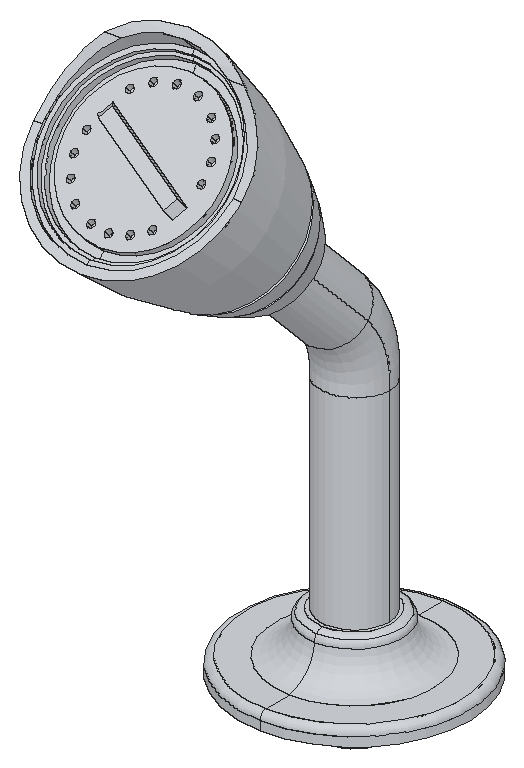
Revit family "01-1130-11 REGADERA MÓVIL PLÁSTICA", category Plumbing Fixtures, host Face, Revit 2018
Family settings
  Host = Face
  Round Connector Dimension = Use Diameter
  Part Type = Normal
  OmniClass Number = 23.31.11.00
  Cut with Voids When Loaded = No
  Shared = No
  Room Calculation Point = No
Parameters (values of type "01-1130-11")
  Waste Water Outlet = ""
  Waste Connection = 1 = 0  # no
  Vent Connection = 1 = 0  # no
  URL = "https://www.gricol.com/"
  Type Image = <None>
  Profundidad = 150 mm
  Product Name = "REGADERA MÓVIL PLÁSTICA\r"  # constant formula
  Model = "01-1130-11"  # constant formula
  Manufacturer = "Gricol"  # constant formula
  Link Ficha Tecnica = "http://infotecnica.gricol.com/FT_01113011.pdf"
  HW Connection = 1 = 1  # yes
  Finish = Plastico ABS Cromado
  Ancho = 60 mm
  Description = "Regadera"  # constant formula
  Default Elevation = 0 mm
  Date Modified = ""
  Date Created = "05/28/2020"  # constant formula
  Copyright = "All rights reserved © Gricol - 2020."  # constant formula
  CW Connection = 1 = 1  # yes
  Assembly Code = ""
  Alto = 117.5 mm
Reference planes
  plane 1 "Center (Front/Back)": y = 0
  plane 2: z = 0
  plane 3 "Center (Left/Right)": x = 0
  plane 4: y = -48.269
  plane 5: x = -30
  plane 6: x = 30
  plane 7: z = 150
  plane 8: y = 69.231
Dimensions and locks
  equal spacing: plane 5, plane 3 "Center (Left/Right)", plane 6
  "Ancho": plane 5 to plane 6
  "Profundidad": plane 7 to level
  "Alto": plane 4 to plane 8
  aligned and locked: plane 2 to host face
  aligned and locked: level to host face
Automatic sketch dimensions
  host sketch curve to host sketch curve = 2438.4 mm  (x2)
Nested families
  nested 1: "REGADERA MÓVIL PLÁSTICA" at (0, 38.974, 0), type "REGADERA MÓVIL PLÁSTICA"
Definition of nested family "REGADERA MÓVIL PLÁSTICA"
  Parameters (values of type "REGADERA MÓVIL PLÁSTICA")
    Material = none
  Reference planes
    plane 1 "Center (Front/Back)": y = 0
    plane 2: z = 0
    plane 3 "Center (Left/Right)": x = 0
    plane 4: y = 29.931
    plane 5: x = 29.875
    plane 6: x = -29.875
    plane 7: z = 201.612
    plane 8: y = -62.842
    plane 9: x = -67.35
    plane 10: x = 72.35
    plane 11: z = 150
    plane 12: z = 20.362
    plane 13: x = -107.35
    plane 14: x = 107.757
    plane 15: y = -29.931
  Forms (mm)
    Revolve 1, solid, material <- "Material"
      sketch origin (0, 3.67, -0.065) x (0, 1, 0) y (0, 0, 1)
        loop
          line (-33.601, 0) -> (-12.402, 0) -> (-12.402, -12.241) -> (-3.431, -12.241) -> (-3.431, 0) -> (-3.431, 15.126) -> (-13.431, 15.126)
          arc (-13.431, 15.126) -> (-14.496, 14.982) -> (-15.405, 14.407) r 2.519
          arc (-15.405, 14.407) -> (-15.941, 13.617) -> (-16.038, 12.666) r 1.955
          arc (-16.038, 12.666) -> (-18.631, 6.959) -> (-24.289, 4.259) r 9.152
          line (-24.289, 4.259) -> (-31.727, 4.259)
          arc (-31.727, 4.259) -> (-33.053, 3.71) -> (-33.601, 2.384) r 1.874
          line (-33.601, 2.384) -> (-33.601, 0)
        axis (-3.431, -12.241) -> (-3.431, 15.126)
      angle from 0 to 360
    Sweep 2, solid, material <- "Material"
      path origin (0, 3.67, -0.302) x (0, 1, 0) y (0, 0, 1)
        loop
          line (-33.601, 110.783) -> (-10.39, 87.572)
          arc (-10.39, 87.572) -> (-4.79, 78.782) -> (-3.431, 68.448) r 24.075
          line (-3.431, 68.448) -> (-3.431, 15.362)
      profile origin (0, 0.24, 41.603) x (1, 0, 0) y (0, 1, 0)
        loop
          circle (0, 0) r 9
    Revolve 3, solid, material <- "Material", not visible, detail levels medium+fine
      sketch origin (0, 0, 0) x (0, 1, 0) y (0, 0, 1)
        loop
          arc (-90.688, 223.824) -> (-99.15, 216.983) -> (-107.326, 209.802) r 267.036
          arc (-107.326, 209.802) -> (-107.577, 209.271) -> (-107.384, 208.716) r 0.776
          arc (-107.384, 208.716) -> (-107.9, 208.971) -> (-108.441, 208.776) r 0.735
          arc (-108.441, 208.776) -> (-112.199, 205.23) -> (-115.888, 201.612) r 267.036
          line (-115.888, 201.612) -> (-32.464, 118.189) -> (-24.343, 126.311)
          arc (-24.343, 126.311) -> (-24.097, 126.905) -> (-24.343, 127.499) r 0.84
          line (-24.343, 127.499) -> (-37.252, 140.408)
          arc (-37.252, 140.408) -> (-40.21, 142.003) -> (-43.557, 141.708) r 5.855
          arc (-43.557, 141.708) -> (-45.369, 141.963) -> (-46.073, 143.652) r 1.847
          arc (-46.073, 143.652) -> (-45.999, 144.947) -> (-46.097, 146.24) r 9.762
          line (-46.097, 146.24) -> (-41.736, 150.6)
          arc (-41.736, 150.6) -> (-41.442, 151.236) -> (-41.629, 151.91) r 1.016
          arc (-41.629, 151.91) -> (-50.581, 167.091) -> (-56.708, 183.617) r 99.247
          arc (-56.708, 183.617) -> (-60.141, 202.073) -> (-60.509, 220.842) r 114.362
          arc (-60.509, 220.842) -> (-59.687, 228.74) -> (-58.22, 236.544) r 96.679
          line (-58.22, 236.544) -> (-57.145, 241.199)
          arc (-57.145, 241.199) -> (-57.521, 241.956) -> (-58.335, 241.735) r 0.665
          arc (-58.335, 241.735) -> (-58.207, 242.373) -> (-58.464, 242.971) r 1.096
          arc (-58.464, 242.971) -> (-58.99, 243.3) -> (-59.61, 243.264) r 1.026
          arc (-59.61, 243.264) -> (-65.36, 240.893) -> (-70.973, 238.214) r 115.076
          arc (-70.973, 238.214) -> (-71.395, 237.656) -> (-71.22, 236.98) r 0.802
          arc (-71.22, 236.98) -> (-71.674, 237.277) -> (-72.207, 237.169) r 0.714
          arc (-72.207, 237.169) -> (-81.561, 230.654) -> (-90.688, 223.824) r 333.945
        axis (-115.888, 201.612) -> (-32.464, 118.189)
      angle from 0 to 360
    Extrusion 4, void, not visible
      sketch origin (0, 42.862, 42.862) x (0, -0.707107, 0.707107) y (-1, 0, 0)
        loop
          line (131.044, -11.557) -> (111.264, -11.557)
          arc (111.264, -11.557) -> (110.878, -11.634) -> (110.551, -11.853) r 1.009
          line (110.551, -11.853) -> (108.651, -13.752) -> (131.044, -13.752) -> (131.044, -11.557)
      from -8.823 to 10.127
    Extrusion 5, solid, not visible, detail levels medium+fine
      sketch origin (0, -158.75, 158.75) x (0, 0.707107, 0.707107) y (-1, 0, 0)
        loop
          circle (60.617, -16.389) r 1.588
        loop
          circle (60.617, -26.741) r 1.588
        loop
          circle (60.617, -37.124) r 1.588
        loop
          circle (60.617, -47.508) r 1.588
        loop
          circle (74.824, -34.299) r 1.588
        loop
          circle (78.797, -43.891) r 1.588
        loop
          circle (72.205, -11.589) r 1.588
        loop
          circle (79.526, -18.909) r 1.588
        loop
          circle (86.868, -26.251) r 1.588
        loop
          circle (94.21, -33.593) r 1.588
        loop
          circle (94.915, -14.207) r 1.588
        loop
          circle (104.508, -18.18) r 1.588
        loop
          circle (77.006, 0) r 1.588
        loop
          circle (87.358, 0) r 1.588
        loop
          circle (97.741, 0) r 1.588
        loop
          circle (108.125, 0) r 1.588
        loop
          circle (60.617, 16.389) r 1.588
        loop
          circle (60.617, 26.741) r 1.588
        loop
          circle (60.617, 37.124) r 1.588
        loop
          circle (60.617, 47.508) r 1.588
        loop
          circle (74.824, 34.299) r 1.588
        loop
          circle (78.797, 43.891) r 1.588
        loop
          circle (72.205, 11.589) r 1.588
        loop
          circle (79.526, 18.909) r 1.588
        loop
          circle (86.868, 26.251) r 1.588
        loop
          circle (94.21, 33.593) r 1.588
        loop
          circle (94.915, 14.207) r 1.588
        loop
          circle (104.508, 18.18) r 1.588
        loop
          circle (46.41, -34.299) r 1.588
        loop
          circle (42.436, -43.891) r 1.588
        loop
          circle (49.028, -11.589) r 1.588
        loop
          circle (41.708, -18.909) r 1.588
        loop
          circle (34.366, -26.251) r 1.588
        loop
          circle (27.024, -33.593) r 1.588
        loop
          circle (26.318, -14.207) r 1.588
        loop
          circle (16.725, -18.18) r 1.588
        loop
          circle (44.228, 0) r 1.588
        loop
          circle (33.876, 0) r 1.588
        loop
          circle (23.492, 0) r 1.588
        loop
          circle (13.109, 0) r 1.588
        loop
          circle (46.41, 34.299) r 1.588
        loop
          circle (42.436, 43.891) r 1.588
        loop
          circle (49.028, 11.589) r 1.588
        loop
          circle (41.708, 18.909) r 1.588
        loop
          circle (34.366, 26.251) r 1.588
        loop
          circle (27.024, 33.593) r 1.588
        loop
          circle (26.318, 14.207) r 1.588
        loop
          circle (16.725, 18.18) r 1.588
      from -6.576 to 5.506
    Revolve 6, void, not visible
      sketch origin (0, 0, 0) x (0, 1, 0) y (0, 0, 1)
        loop
          arc (-91.228, 224.647) -> (-82.058, 231.509) -> (-72.659, 238.054) r 335.532
          line (-72.659, 238.054) -> (-80.683, 246.078) -> (-120.518, 206.243) -> (-116.578, 202.303)
          arc (-116.578, 202.303) -> (-104.255, 213.874) -> (-91.228, 224.647) r 268.624
        axis (-112.494, 198.219) -> (-120.518, 206.243)
      angle from 0 to 360
    Revolve 7, solid, material <- "Material"
      sketch origin (0.203, 464.675, 1091.209) x (0, 0.897728, -0.440551) y (0, 0.440551, 0.897728)
        loop
          line (-11.959, -1098.327) -> (-7.363, -1084.866)
          arc (-7.363, -1084.866) -> (-10.746, -1082.054) -> (-14.194, -1079.323) r 187.972
          line (-14.194, -1079.323) -> (-14.45, -1080.072) -> (-15.331, -1079.772) -> (-14.973, -1078.724)
          arc (-14.973, -1078.724) -> (-18.016, -1076.444) -> (-21.105, -1074.226) r 187.972
          line (-21.105, -1074.226) -> (-21.369, -1074.998) -> (-23.056, -1074.422) -> (-22.627, -1073.168)
          arc (-22.627, -1073.168) -> (-40.931, -1062.053) -> (-60.381, -1053.092) r 187.972
          arc (-60.381, -1053.092) -> (-60.936, -1053.132) -> (-61.318, -1053.537) r 0.767
          line (-61.318, -1053.537) -> (-61.928, -1055.322) -> (-55.573, -1057.493) -> (-55.996, -1058.732) -> (-54.819, -1059.134) -> (-55.144, -1060.084) -> (-53.415, -1060.675) -> (-60.601, -1081.71) -> (-11.959, -1098.327)
        axis (-11.959, -1098.327) -> (-69.862, -1078.547)
      angle from 0 to 360
    Extrusion 8, void
      sketch origin (0, 3.993, -4.424) x (0, -1, 0) y (0, 0, 1)
        loop
          arc (61.58, 171.302) -> (66.423, 161.351) -> (73.507, 152.85) r 45.891
          arc (73.507, 152.85) -> (83.739, 142.914) -> (93.658, 132.667) r 460.127
          line (93.658, 132.667) -> (99.064, 138.048) -> (57.446, 179.856) -> (55.516, 177.935)
          arc (55.516, 177.935) -> (59.08, 175.105) -> (61.58, 171.302) r 14.375
      from -43.403 to 250
    Extrusion 9, solid
      sketch origin (0.203, -66.276, 146.826) x (1, 0, 0) y (0, 0.707107, 0.707107)
        loop
          circle (0, 0) r 20
      from 0 to 1.827
    Extrusion 10, void
      sketch origin (0.203, -67.568, 148.118) x (-1, 0, 0) y (0, 0.707107, 0.707107)
        loop
          circle (10.481, 12.221) r 1
        loop
          circle (6.172, 15.315) r 1
        loop
          circle (0.844, 16.565) r 1
        loop
          circle (-4.953, 15.94) r 1
        loop
          circle (-10.118, 12.816) r 1
        loop
          circle (-13.235, 9.106) r 1
        loop
          circle (-14.831, 4.408) r 1
        loop
          circle (-15.144, -0.545) r 1
        loop
          circle (15.396, 1.252) r 1
        loop
          circle (15.553, -4.051) r 1
        loop
          circle (13.61, -9.167) r 1
        loop
          circle (9.851, -13.624) r 1
        loop
          circle (4.373, -16.16) r 1
        loop
          circle (-0.446, -16.67) r 1
        loop
          circle (-5.233, -15.367) r 1
        loop
          circle (-9.514, -12.856) r 1
      from 0 to 10
    Extrusion 11, solid
      sketch origin (-16.622, -63.132, 152.554) x (0.88292, -0.332003, -0.332003) y (0, -0.707107, 0.707107)
        loop
          line (2.373, 0) -> (33.429, 0) -> (31.906, 2.532)
          arc (31.906, 2.532) -> (18.405, 1.922) -> (4.904, 2.532) r 149.643
          line (4.904, 2.532) -> (2.373, 0)
      from -3.816 to 0
  Cuts and joins
    Extrusion 8 cuts Revolve 7
    Extrusion 10 cuts Sweep 2
    Extrusion 10 cuts Extrusion 9
  Dimensions and locks
    locked: plane 9 to plane 10 at 139.7
    plane 6 to plane 5 = 59.75 mm
    plane 11 to level = 150 mm  (x2)
    plane 12 to level = 20.362 mm
    plane 13 to plane 14 = 215.107 mm  (x2)
    Revolve 1 sketch curve to Revolve 1 sketch curve = 30.171 mm  (x2)
    equal spacing: plane 4, plane 1 "Center (Front/Back)", plane 15
    plane 4 to plane 15 = 59.863 mm
    aligned and locked: plane 2 to level
  Automatic sketch dimensions
    Sweep 2 sketch curve to plane 3 "Center (Left/Right)" = 0 mm
    Sweep 2 sketch curve to profile plane = 0 mm
    Revolve 3 sketch curve to Revolve 3 sketch curve = 0 mm  (x16)
    Revolve 3 sketch curve to Revolve 3 sketch curve = 1.139 mm
    Revolve 3 sketch curve to Revolve 3 sketch curve = 1.201 mm
    Revolve 3 sketch curve to Revolve 3 sketch curve = 11.31 mm
    Revolve 3 sketch curve to Revolve 3 sketch curve = 0.053 mm
    Revolve 3 sketch curve to Revolve 3 sketch curve = 1.078 mm
    Revolve 3 sketch curve to Revolve 3 sketch curve = 1.451 mm
    Revolve 3 sketch curve to Revolve 3 sketch curve = 0.648 mm
    Revolve 3 sketch curve to Revolve 3 sketch curve = 9.663 mm
    Revolve 3 sketch curve to Revolve 3 sketch curve = 1.857 mm
    Revolve 3 sketch curve to Revolve 3 sketch curve = 3.642 mm
    Revolve 3 sketch curve to Revolve 3 sketch curve = 0.718 mm  (x2)
    Revolve 3 sketch curve to Revolve 3 sketch curve = 2.847 mm
    Revolve 3 sketch curve to Revolve 3 sketch curve = 0.594 mm  (x3)
    Revolve 3 sketch curve to Revolve 3 sketch curve = 5.724 mm
    Revolve 3 sketch curve to Revolve 3 sketch curve = 3.065 mm
    Revolve 3 sketch curve to Revolve 3 sketch curve = 14.583 mm
    Revolve 3 sketch curve to Revolve 3 sketch curve = 40.998 mm
    Revolve 3 sketch curve to Revolve 3 sketch curve = 8.237 mm
    Revolve 3 sketch curve to Revolve 3 sketch curve = 9.364 mm
    Revolve 3 sketch curve to Revolve 3 sketch curve = 4.14 mm  (x2)
    Revolve 3 sketch curve to Revolve 3 sketch curve = 3.016 mm
    Revolve 3 sketch curve to Revolve 3 sketch curve = 1.43 mm
    Revolve 3 sketch curve to Revolve 3 sketch curve = 2.815 mm
    Revolve 3 sketch curve to Revolve 3 sketch curve = 4.361 mm
    Revolve 3 sketch curve to Revolve 3 sketch curve = 0.992 mm
    Revolve 3 sketch curve to Revolve 3 sketch curve = 3.975 mm
    Revolve 3 sketch curve to Revolve 3 sketch curve = 5.081 mm
    Revolve 3 sketch curve to Revolve 3 sketch curve = 0.032 mm
    Revolve 3 sketch curve to Revolve 3 sketch curve = 0.923 mm
    Revolve 3 sketch curve to Revolve 3 sketch curve = 4.655 mm
    Revolve 3 sketch curve to Revolve 3 sketch curve = 0.15 mm
    Revolve 3 sketch curve to Revolve 3 sketch curve = 0.911 mm
    Revolve 3 sketch curve to Revolve 3 sketch curve = 0.046 mm
    Revolve 3 sketch curve to Revolve 3 sketch curve = 0.557 mm
    Revolve 3 sketch curve to Revolve 3 sketch curve = 0.589 mm
    Extrusion 4 sketch curve to Extrusion 4 sketch curve = 1.899 mm
    Extrusion 4 sketch curve to Extrusion 4 sketch curve = 0.714 mm
    Extrusion 4 sketch curve to Extrusion 4 sketch curve = 19.78 mm
    Extrusion 4 sketch curve to Extrusion 4 sketch curve = 2.195 mm
    Extrusion 5 sketch curve to Extrusion 5 sketch curve = 4.8 mm  (x3)
    Extrusion 5 sketch curve to Extrusion 5 sketch curve = 3.974 mm  (x8)
    Extrusion 5 sketch curve to Extrusion 5 sketch curve = 7.32 mm  (x8)
    Extrusion 5 sketch curve to Extrusion 5 sketch curve = 7.342 mm  (x16)
    Extrusion 5 sketch curve to Extrusion 5 sketch curve = 10.352 mm  (x4)
    Extrusion 5 sketch curve to Extrusion 5 sketch curve = 8.048 mm  (x6)
    Extrusion 5 sketch curve to Extrusion 5 sketch curve = 10.383 mm  (x8)
    Extrusion 5 sketch curve to Extrusion 5 sketch curve = 9.593 mm  (x8)
    Revolve 6 sketch curve to Revolve 6 sketch curve = 40.998 mm
    Revolve 3 sketch curve to Revolve 3 sketch curve = 7.946 mm
    Revolve 3 sketch curve to Revolve 3 sketch curve = 34.994 mm
    Revolve 3 sketch curve to Revolve 3 sketch curve = 52.182 mm
    Revolve 3 sketch curve to Revolve 3 sketch curve = 8.928 mm
    Revolve 3 sketch curve to Revolve 3 sketch curve = 7.527 mm
    Revolve 3 sketch curve to Revolve 3 sketch curve = 54.6 mm
    Revolve 3 sketch curve to Revolve 3 sketch curve = 105.4 mm  (x2)
    Revolve 3 sketch curve to Revolve 3 sketch curve = 52.877 mm
    Revolve 3 sketch curve to Revolve 3 sketch curve = 8.121 mm
    Revolve 3 sketch curve to Revolve 3 sketch curve = 6.625 mm
    Revolve 3 sketch curve to Revolve 3 sketch curve = 73.979 mm
    Revolve 3 sketch curve to Revolve 3 sketch curve = 12.72 mm
    Revolve 3 sketch curve to Revolve 3 sketch curve = 3.983 mm  (x2)
    Extrusion 4 sketch curve to Extrusion 4 sketch curve = 0.296 mm
    Extrusion 5 sketch curve to Extrusion 5 sketch curve = 3.616 mm  (x3)
    Extrusion 5 sketch curve to Extrusion 5 sketch curve = 15.413 mm  (x4)
    Extrusion 5 sketch curve to Extrusion 5 sketch curve = 14.207 mm  (x7)
    Extrusion 5 sketch curve to Extrusion 5 sketch curve = 18.18 mm
    Extrusion 5 sketch curve to Extrusion 5 sketch curve = 0 mm  (x10)
    Extrusion 5 sketch curve to Extrusion 5 sketch curve = 11.589 mm  (x6)
    Extrusion 5 sketch curve to Extrusion 5 sketch curve = 10.298 mm  (x2)
    Revolve 6 sketch curve to Revolve 6 sketch curve = 3.94 mm  (x2)
    Revolve 6 sketch curve to Revolve 6 sketch curve = 39.835 mm
    Revolve 6 sketch curve to Revolve 6 sketch curve = 8.023 mm
    Revolve 6 sketch curve to Revolve 6 sketch curve = 189.946 mm  (x2)
    Revolve 6 sketch curve to Revolve 6 sketch curve = 52.877 mm
    Revolve 6 sketch curve to Revolve 6 sketch curve = 0.432 mm  (x2)
    Revolve 6 sketch curve to Revolve 6 sketch curve = 4.49 mm  (x2)
    level to Revolve 1 sketch curve = 2.319 mm
    Revolve 1 sketch curve to plane 15 = 0 mm
    Revolve 1 sketch curve to Revolve 1 sketch curve = 1.874 mm
    Revolve 1 sketch curve to plane 15 = 8.438 mm
    Revolve 1 sketch curve to Revolve 1 sketch curve = 7.439 mm
    plane 1 "Center (Front/Back)" to Revolve 1 sketch curve = 10.434 mm
    Revolve 1 sketch curve to Revolve 1 sketch curve = 0.47 mm
    Revolve 1 sketch curve to Revolve 1 sketch curve = 0.673 mm
    Revolve 1 sketch curve to level = 0.065 mm  (x2)
    plane 1 "Center (Front/Back)" to Revolve 1 sketch curve = 8.732 mm
    Revolve 1 sketch curve to Revolve 1 sketch curve = 12.241 mm
    Revolve 1 sketch curve to plane 12 = 7.813 mm
    Revolve 1 sketch curve to Revolve 1 sketch curve = 0.333 mm
    Revolve 1 sketch curve to plane 12 = 7.059 mm
    Revolve 1 sketch curve to Revolve 1 sketch curve = 2.511 mm
    Revolve 1 sketch curve to Revolve 1 sketch curve = 1.934 mm
    Revolve 1 sketch curve to plane 1 "Center (Front/Back)" = 0.24 mm
    plane 12 to Revolve 1 sketch curve = 16.148 mm
    Revolve 1 sketch curve to plane 11 = 54.064 mm
    Sweep 2 sketch curve to plane 15 = 0 mm
    Sweep 2 sketch curve to plane 15 = 6.188 mm
    plane 12 to Sweep 2 sketch curve = 49.884 mm
    plane 1 "Center (Front/Back)" to Sweep 2 sketch curve = 6.72 mm
    Sweep 2 sketch curve to plane 1 "Center (Front/Back)" = 0.24 mm
    Sweep 2 sketch curve to Sweep 2 sketch curve = 2.1 mm
    Sweep 2 sketch curve to plane 12 = 5.302 mm
    Sweep 2 sketch curve to Sweep 2 sketch curve = 23.211 mm
    Revolve 7 sketch curve to Revolve 7 sketch curve = 0 mm  (x4)
    Revolve 7 sketch curve to plane 12 = 25.332 mm
    Revolve 7 sketch curve to plane 8 = 129.46 mm
    Revolve 7 sketch curve to Revolve 7 sketch curve = 68.584 mm
    Revolve 7 sketch curve to Revolve 7 sketch curve = 0.717 mm
    Revolve 7 sketch curve to Revolve 7 sketch curve = 0.711 mm
    Revolve 7 sketch curve to Revolve 7 sketch curve = 0.423 mm
    Revolve 7 sketch curve to Revolve 7 sketch curve = 0.325 mm
    Revolve 7 sketch curve to Revolve 7 sketch curve = 37.545 mm
    Revolve 7 sketch curve to Revolve 7 sketch curve = 0.428 mm
    Revolve 7 sketch curve to Revolve 7 sketch curve = 1.687 mm
    Revolve 7 sketch curve to Revolve 7 sketch curve = 0.264 mm
    Revolve 7 sketch curve to Revolve 7 sketch curve = 6.038 mm
    Revolve 7 sketch curve to Revolve 7 sketch curve = 0.358 mm
    Revolve 7 sketch curve to Revolve 7 sketch curve = 0.881 mm
    Revolve 7 sketch curve to Revolve 7 sketch curve = 0.256 mm
    Revolve 7 sketch curve to Revolve 7 sketch curve = 2.491 mm
    Revolve 7 sketch curve to Revolve 7 sketch curve = 7.087 mm
    Revolve 7 sketch curve to Revolve 7 sketch curve = 13.461 mm
    Revolve 7 sketch curve to Revolve 7 sketch curve = 0.749 mm
    Revolve 7 sketch curve to Revolve 7 sketch curve = 7.484 mm
    Revolve 7 sketch curve to Revolve 7 sketch curve = 0.771 mm
    Revolve 7 sketch curve to Revolve 7 sketch curve = 3.668 mm
    Revolve 7 sketch curve to Revolve 7 sketch curve = 0.289 mm
    Revolve 7 sketch curve to Revolve 7 sketch curve = 5.062 mm
    Revolve 7 sketch curve to Revolve 7 sketch curve = 0.431 mm
    Revolve 7 sketch curve to Revolve 7 sketch curve = 0.147 mm
    Revolve 7 sketch curve to Revolve 7 sketch curve = 1.729 mm  (x2)
    Revolve 7 sketch curve to Revolve 7 sketch curve = 0.61 mm
    plane 15 to Extrusion 8 sketch curve = 14.545 mm
    plane 8 to Extrusion 8 sketch curve = 26.823 mm
    Extrusion 8 sketch curve to plane 11 = 16.376 mm
    Extrusion 8 sketch curve to Extrusion 8 sketch curve = 5.406 mm
    Extrusion 8 sketch curve to plane 7 = 19.772 mm
    Extrusion 8 sketch curve to Extrusion 8 sketch curve = 5.381 mm
    Extrusion 8 sketch curve to level = 186.606 mm
    plane 11 to Extrusion 8 sketch curve = 10.982 mm
    Extrusion 8 sketch curve to Extrusion 8 sketch curve = 1.929 mm
    Extrusion 8 sketch curve to plane 8 = 5.255 mm
    plane 8 to Extrusion 8 sketch curve = 38.128 mm
    Extrusion 8 sketch curve to Extrusion 8 sketch curve = 0 mm
    plane 4 to Extrusion 8 sketch curve = 215.944 mm
    Revolve 7 sketch curve to Revolve 7 sketch curve = 4.611 mm
    Revolve 7 sketch curve to Revolve 7 sketch curve = 0.852 mm
    Extrusion 10 sketch curve to Extrusion 10 sketch curve = 0.312 mm
    Extrusion 10 sketch curve to Extrusion 10 sketch curve = 1.596 mm
    Extrusion 10 sketch curve to Extrusion 10 sketch curve = 3.117 mm
    Extrusion 10 sketch curve to Extrusion 10 sketch curve = 5.629 mm
    Extrusion 10 sketch curve to Extrusion 10 sketch curve = 5.165 mm
    Extrusion 10 sketch curve to Extrusion 10 sketch curve = 4.281 mm
    Extrusion 10 sketch curve to Extrusion 10 sketch curve = 4.788 mm
    Extrusion 10 sketch curve to Extrusion 10 sketch curve = 5.797 mm
    Extrusion 10 sketch curve to Extrusion 10 sketch curve = 4.818 mm
    Extrusion 10 sketch curve to Extrusion 10 sketch curve = 5.328 mm
    Extrusion 10 sketch curve to Extrusion 10 sketch curve = 4.309 mm
    Extrusion 10 sketch curve to Extrusion 10 sketch curve = 5.478 mm
    Extrusion 10 sketch curve to Extrusion 10 sketch curve = 3.759 mm
    Extrusion 10 sketch curve to Extrusion 10 sketch curve = 1.786 mm
    Extrusion 10 sketch curve to Extrusion 10 sketch curve = 0.156 mm
    Extrusion 10 sketch curve to Extrusion 10 sketch curve = 0.51 mm
    Extrusion 10 sketch curve to Extrusion 10 sketch curve = 1.303 mm
    Extrusion 10 sketch curve to Extrusion 10 sketch curve = 2.536 mm
    Extrusion 10 sketch curve to Extrusion 10 sketch curve = 2.51 mm
    Extrusion 10 sketch curve to Extrusion 10 sketch curve = 4.457 mm
    Extrusion 10 sketch curve to Extrusion 10 sketch curve = 5.116 mm
    Extrusion 10 sketch curve to Extrusion 10 sketch curve = 12.312 mm
    Extrusion 10 sketch curve to Extrusion 10 sketch curve = 5.303 mm
    Extrusion 10 sketch curve to Extrusion 10 sketch curve = 4.953 mm
    Extrusion 10 sketch curve to Extrusion 10 sketch curve = 4.698 mm
    Extrusion 10 sketch curve to Extrusion 10 sketch curve = 10.968 mm
    Extrusion 10 sketch curve to Extrusion 10 sketch curve = 3.71 mm
    Extrusion 10 sketch curve to Extrusion 10 sketch curve = 3.095 mm
    Extrusion 10 sketch curve to Extrusion 10 sketch curve = 3.124 mm
    Extrusion 10 sketch curve to Extrusion 10 sketch curve = 1.25 mm
    Extrusion 11 sketch curve to Extrusion 11 sketch curve = 13.501 mm
    Extrusion 11 sketch curve to Extrusion 11 sketch curve = 2.532 mm  (x2)
    Extrusion 11 sketch curve to Extrusion 11 sketch curve = 27.002 mm
    Extrusion 11 sketch curve to Extrusion 11 sketch curve = 1.523 mm
    Extrusion 11 sketch curve to Extrusion 11 sketch curve = 149.033 mm
    radius of Sweep 2 sketch curve = 9 mm
    radius of Extrusion 5 sketch curve = 1.588 mm  (x48)
    radius of Extrusion 9 sketch curve to Revolve 7 = 2.229 mm
    radius of Extrusion 10 sketch curve = 1 mm  (x16)
